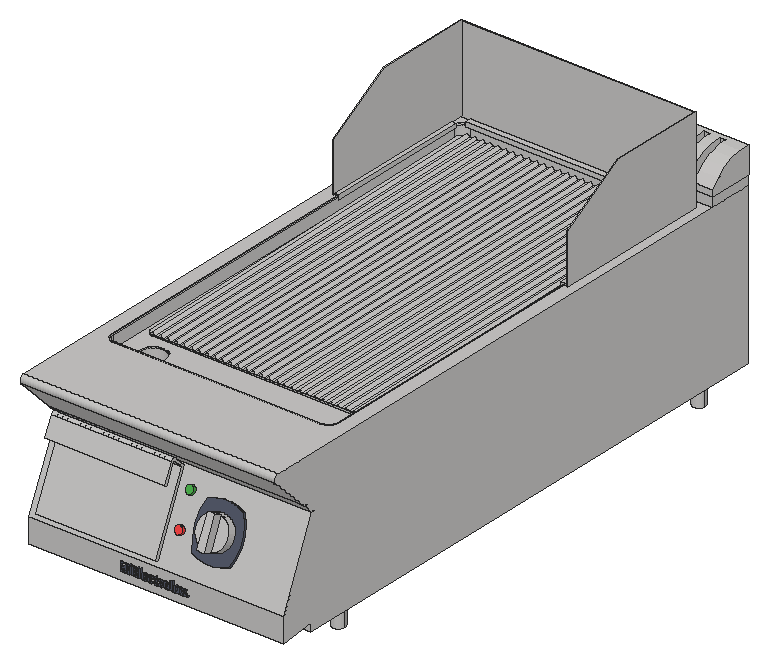
Revit family "QF_ELECTROLUXPROFESSIONAL_391356_E9IILDAOMCA", category Specialty Equipment, Revit 2018 (continued)
Automatic sketch dimensions
  Extrusion 22 sketch curve to Extrusion 22 sketch curve = 1.087 mm
  Extrusion 22 sketch curve to Extrusion 22 sketch curve = 2.23 mm
  Extrusion 22 sketch curve to Extrusion 22 sketch curve = 2.757 mm
  Extrusion 22 sketch curve to Extrusion 22 sketch curve = 0.987 mm
  Extrusion 22 sketch curve to Extrusion 22 sketch curve = 1.529 mm
  Extrusion 22 sketch curve to Extrusion 22 sketch curve = 1.796 mm
  Extrusion 22 sketch curve to Extrusion 22 sketch curve = 2.859 mm
  Extrusion 22 sketch curve to Extrusion 22 sketch curve = 0.853 mm
  Extrusion 22 sketch curve to Extrusion 22 sketch curve = 1.241 mm
  Extrusion 22 sketch curve to Extrusion 22 sketch curve = 2.046 mm  (x2)
  Extrusion 22 sketch curve to Extrusion 22 sketch curve = 2.422 mm
  Extrusion 22 sketch curve to Extrusion 22 sketch curve = 0.27 mm  (x2)
  Extrusion 22 sketch curve to Extrusion 22 sketch curve = 0.69 mm
  Extrusion 22 sketch curve to Extrusion 22 sketch curve = 0.781 mm  (x2)
  Extrusion 22 sketch curve to Extrusion 22 sketch curve = 3.136 mm
  Extrusion 22 sketch curve to Extrusion 22 sketch curve = 1.767 mm
  Extrusion 22 sketch curve to Extrusion 22 sketch curve = 0.138 mm
  Extrusion 22 sketch curve to Extrusion 22 sketch curve = 0.777 mm
  Extrusion 22 sketch curve to Extrusion 22 sketch curve = 1.19 mm
  Extrusion 22 sketch curve to Extrusion 22 sketch curve = 0.782 mm
  Extrusion 22 sketch curve to Extrusion 22 sketch curve = 1.268 mm
  Extrusion 22 sketch curve to Extrusion 22 sketch curve = 0.422 mm  (x2)
  Extrusion 22 sketch curve to Extrusion 22 sketch curve = 1.559 mm
  Extrusion 22 sketch curve to Extrusion 22 sketch curve = 3.927 mm
  Extrusion 22 sketch curve to Extrusion 22 sketch curve = 0.983 mm
  Extrusion 22 sketch curve to Extrusion 22 sketch curve = 1.134 mm
  plane 7 "Center Y" to Extrusion 22 sketch curve = 1.016 mm
  Extrusion 22 sketch curve to Extrusion 22 sketch curve = 1.501 mm
  Extrusion 22 sketch curve to Extrusion 22 sketch curve = 1.808 mm
  Extrusion 22 sketch curve to Extrusion 22 sketch curve = 0.643 mm
  Extrusion 22 sketch curve to Extrusion 22 sketch curve = 0.916 mm
  Extrusion 22 sketch curve to Extrusion 22 sketch curve = 0.352 mm
  Extrusion 22 sketch curve to Extrusion 22 sketch curve = 0.458 mm
  Extrusion 22 sketch curve to Extrusion 22 sketch curve = 1.282 mm
  Extrusion 22 sketch curve to Extrusion 22 sketch curve = 1.363 mm
  Extrusion 22 sketch curve to Extrusion 22 sketch curve = 0.685 mm
  Extrusion 22 sketch curve to Extrusion 22 sketch curve = 0.905 mm
  Extrusion 22 sketch curve to Extrusion 22 sketch curve = 2.865 mm
  Extrusion 22 sketch curve to Extrusion 22 sketch curve = 0.472 mm
  Extrusion 22 sketch curve to Extrusion 22 sketch curve = 0.101 mm
  Extrusion 22 sketch curve to Extrusion 22 sketch curve = 0.54 mm
  Extrusion 22 sketch curve to Extrusion 22 sketch curve = 0.02 mm
  Extrusion 22 sketch curve to Extrusion 22 sketch curve = 0.468 mm
  Extrusion 22 sketch curve to Extrusion 22 sketch curve = 0.829 mm
  Extrusion 22 sketch curve to Extrusion 22 sketch curve = 0.582 mm
  Extrusion 22 sketch curve to Extrusion 22 sketch curve = 0.166 mm
  Extrusion 22 sketch curve to Extrusion 22 sketch curve = 0.16 mm
  Extrusion 22 sketch curve to Extrusion 22 sketch curve = 2.781 mm
  Extrusion 22 sketch curve to Extrusion 22 sketch curve = 1.118 mm
  Extrusion 22 sketch curve to Extrusion 22 sketch curve = 0.613 mm
  Extrusion 22 sketch curve to Extrusion 22 sketch curve = 0.361 mm
  Extrusion 22 sketch curve to Extrusion 22 sketch curve = 0.897 mm
  Extrusion 22 sketch curve to Extrusion 22 sketch curve = 0.167 mm
  Extrusion 22 sketch curve to Extrusion 22 sketch curve = 0.292 mm
  Extrusion 22 sketch curve to Extrusion 22 sketch curve = 0.305 mm
  Extrusion 22 sketch curve to Extrusion 22 sketch curve = 1.557 mm
  Extrusion 22 sketch curve to Extrusion 22 sketch curve = 2.499 mm
  Extrusion 22 sketch curve to Extrusion 22 sketch curve = 3.062 mm
  Extrusion 22 sketch curve to Extrusion 22 sketch curve = 2.968 mm
  Extrusion 22 sketch curve to Extrusion 22 sketch curve = 5.044 mm
  Extrusion 22 sketch curve to Extrusion 22 sketch curve = 0.629 mm  (x2)
  Extrusion 22 sketch curve to Extrusion 22 sketch curve = 1.131 mm
  Extrusion 22 sketch curve to Extrusion 22 sketch curve = 0.137 mm
  Extrusion 22 sketch curve to Extrusion 22 sketch curve = 0.027 mm
  Extrusion 22 sketch curve to Extrusion 22 sketch curve = 2.235 mm
  plane 7 "Center Y" to Extrusion 23 sketch curve = 20.046 mm
  plane 7 "Center Y" to Extrusion 24 sketch curve = 20.046 mm
  Sweep 25 sketch curve to profile plane = 0 mm  (x27)
  profile plane to Sweep 25 sketch curve = 3.736 mm  (x27)
  profile plane to Sweep 25 sketch curve = 435.969 mm
  Sweep 25 sketch curve to Sweep 25 sketch curve = 3.877 mm  (x54)
  Sweep 25 sketch curve to Sweep 25 sketch curve = 4.381 mm  (x26)
  Sweep 25 sketch curve to plane 15 = 0.05 mm
  Sweep 25 sketch curve to plane 6 "TOP" = 9.783 mm
  Sweep 25 sketch curve to plane 6 "TOP" = 18 mm
  plane 1 "BACK" to Sweep 25 sketch curve = 105.406 mm
  Extrusion 26 sketch curve to plane 15 = 0 mm
  Extrusion 26 sketch curve to plane 6 "TOP" = 20 mm
  plane 1 "BACK" to Extrusion 26 sketch curve = 105.406 mm
  Extrusion 26 sketch curve to Extrusion 26 sketch curve = 1.999 mm
  Extrusion 26 sketch curve to plane 6 "TOP" = 9.783 mm
  plane 15 to Extrusion 27 sketch curve = 0 mm  (x4)
  Extrusion 27 sketch curve to plane 15 = 10 mm  (x2)
  plane 13 to Extrusion 27 sketch curve = 21.03 mm  (x2)
  Extrusion 27 sketch curve to Extrusion 27 sketch curve = 0 mm  (x12)
  Extrusion 27 sketch curve to Extrusion 27 sketch curve = 10 mm  (x4)
  plane 14 to Extrusion 27 sketch curve = 31.03 mm  (x2)
  plane 1 "BACK" to Extrusion 27 sketch curve = 115.406 mm  (x2)
  Extrusion 5 sketch curve to Extrusion 1 = 0 mm  (x3)
  Extrusion 1 to Extrusion 5 sketch curve = 69.85 mm
  Extrusion 1 to Extrusion 6 sketch curve = 17.03 mm  (x2)
  Extrusion 1 to Extrusion 6 sketch curve = 83.39 mm
  Extrusion 6 sketch curve to Extrusion 6 sketch curve = 1.588 mm
  Extrusion 1 to Extrusion 7 sketch curve = 37.03 mm
  Extrusion 1 to Extrusion 7 sketch curve = 92.539 mm
  Extrusion 7 sketch curve to Extrusion 7 sketch curve = 15 mm  (x3)
  Extrusion 1 to Extrusion 7 sketch curve = 145.147 mm  (x2)
  Extrusion 1 to Extrusion 7 sketch curve = 22.03 mm
  Extrusion 11 sketch curve to Extrusion 1 = 274.774 mm
  plane 5 "FRONT" to Extrusion 12 sketch curve = 0 mm  (x2)
  Extrusion 12 sketch curve to plane 3 "LEFT" = 0 mm
  Extrusion 12 sketch curve to plane 4 "RIGHT" = 0 mm
  plane 1 "BACK" to Extrusion 12 sketch curve = 0 mm
  Extrusion 12 sketch curve to plane 3 "LEFT" = 100 mm
  Extrusion 12 sketch curve to plane 4 "RIGHT" = 100 mm
  Extrusion 12 sketch curve to plane 1 "BACK" = 100 mm
  curve 124 to plane 3 "LEFT" = 0 mm
  curve 4 to plane 9 = 0 mm
  curve 4 to plane 13 = 0 mm
  plane 15 to curve 19 = 0 mm
  plane 15 to curve 97 = 0 mm
  curve 110 to plane 7 "Center Y" = 0 mm
  curve 5 to plane 7 "Center Y" = 0 mm
  plane 15 to curve 123 = 0 mm
  curve 124 to plane 4 "RIGHT" = 0 mm
  plane 5 "FRONT" to curve 7 = 0 mm
  plane 5 "FRONT" to curve 3 = 0 mm
  plane 5 "FRONT" to curve 1 = 0 mm
  plane 1 "BACK" to curve 9 = 0 mm
  plane 13 to curve 26 = 4.442 mm
  curve 26 to curve 13 = 6.587 mm
  curve 37 to curve 14 = 6.721 mm
  curve 13 to curve 33 = 3.484 mm
  plane 1 "BACK" to curve 40 = 6.761 mm
  plane 13 to curve 40 = 18.703 mm
  curve 26 to curve 31 = 16.587 mm
  plane 13 to curve 19 = 21.03 mm
  curve 12 to curve 12 = 15 mm
  curve 21 to curve 14 = 5 mm
  curve 39 to curve 38 = 9.296 mm
  curve 19 to curve 19 = 10 mm
  curve 14 to curve 21 = 5 mm
  curve 19 to curve 97 = 0.222 mm
  curve 12 to curve 96 = 14.849 mm
  curve 97 to curve 98 = 12.135 mm
  curve 38 to curve 42 = 16.193 mm
  curve 42 to curve 44 = 9.296 mm
  curve 98 to curve 99 = 12.135 mm
  curve 95 to curve 96 = 20 mm
  curve 99 to curve 100 = 12.135 mm
  curve 44 to curve 47 = 16.193 mm
  curve 48 to curve 49 = 9.296 mm
  curve 100 to curve 101 = 12.135 mm
  curve 101 to curve 102 = 12.135 mm
  curve 46 to curve 51 = 16.193 mm
  curve 102 to curve 103 = 12.135 mm
  curve 52 to curve 53 = 9.296 mm
  curve 103 to curve 104 = 12.135 mm
  curve 50 to curve 56 = 16.193 mm
  curve 104 to curve 105 = 12.135 mm
  curve 56 to curve 54 = 9.296 mm
  curve 105 to curve 106 = 12.135 mm
  curve 54 to curve 59 = 16.193 mm
  curve 106 to curve 107 = 12.135 mm
  curve 59 to curve 58 = 9.296 mm
  curve 107 to curve 108 = 12.135 mm
  plane 1 "BACK" to curve 65 = 6.761 mm
  curve 58 to curve 65 = 16.193 mm
  curve 108 to curve 109 = 12.135 mm
  curve 63 to plane 7 "Center Y" = 8.071 mm
  plane 7 "Center Y" to curve 66 = 8.121 mm
  plane 7 "Center Y" to curve 111 = 12.135 mm
  curve 66 to curve 67 = 9.296 mm
  curve 111 to curve 112 = 12.135 mm
  curve 68 to curve 92 = 16.143 mm
  curve 112 to curve 113 = 12.135 mm
  curve 91 to curve 92 = 9.296 mm
  curve 113 to curve 114 = 12.135 mm
  curve 92 to curve 87 = 16.193 mm
  curve 114 to curve 115 = 12.135 mm
  curve 87 to curve 88 = 9.296 mm
  curve 115 to curve 116 = 12.135 mm
  plane 1 "BACK" to curve 83 = 6.761 mm
  curve 89 to curve 83 = 16.193 mm
  curve 116 to curve 117 = 12.135 mm
  curve 83 to curve 86 = 9.296 mm
  curve 117 to curve 118 = 12.135 mm
  curve 118 to curve 119 = 12.135 mm
  plane 1 "BACK" to curve 79 = 6.761 mm
  curve 85 to curve 79 = 16.193 mm
  curve 79 to curve 81 = 9.296 mm
  curve 119 to curve 120 = 12.135 mm
  curve 120 to curve 121 = 12.135 mm
  curve 80 to curve 77 = 16.193 mm
  curve 76 to curve 75 = 9.296 mm
  curve 121 to curve 122 = 12.135 mm
  curve 122 to curve 123 = 12.135 mm
  curve 123 to curve 25 = 0.222 mm
  curve 123 to curve 22 = 0.222 mm
  plane 1 "BACK" to curve 71 = 6.761 mm
  curve 75 to curve 71 = 16.193 mm
  plane 14 to curve 11 = 26.03 mm
  curve 23 to curve 15 = 5 mm
  curve 15 to curve 30 = 5 mm
  curve 15 to curve 23 = 5 mm
  curve 71 to curve 72 = 9.296 mm
  plane 14 to curve 35 = 14.514 mm
  curve 32 to curve 15 = 3.351 mm
  plane 14 to curve 17 = 11.03 mm
  plane 14 to curve 28 = 4.442 mm
  plane 15 to curve 12 = 70 mm
  plane 15 to curve 96 = 36.197 mm
  plane 8 "Center X" to curve 26 = 129.61 mm
  plane 8 "Center X" to curve 16 = 129.61 mm
  curve 20 to curve 40 = 108.645 mm
  curve 15 to curve 23 = 2.133 mm
  curve 14 to curve 22 = 2.133 mm
  curve 20 to curve 14 = 9.865 mm
  curve 15 to curve 35 = 1.998 mm
  curve 97 to curve 22 = 0.05 mm
  curve 123 to curve 22 = 0 mm
  curve 30 to curve 14 = 2.318 mm
  curve 15 to curve 28 = 10.007 mm
  curve 26 to curve 124 = 13.54 mm
  curve 111 to curve 66 = 41.495 mm
  curve 31 to curve 38 = 19.479 mm
  curve 38 to curve 42 = 0 mm
  curve 29 to curve 71 = 19.479 mm
  curve 44 to curve 46 = 0 mm
  curve 75 to curve 71 = 0 mm
  curve 46 to curve 50 = 0 mm
  curve 79 to curve 77 = 0 mm
  curve 50 to curve 54 = 0 mm
  curve 83 to curve 79 = 0 mm
  curve 54 to curve 58 = 0 mm
  curve 87 to curve 83 = 0 mm
  curve 62 to curve 66 = 0 mm
  curve 68 to curve 91 = 0 mm
  plane 1 "BACK" to curve 94 = 6.761 mm
  plane 1 "BACK" to curve 90 = 6.761 mm
  plane 1 "BACK" to curve 61 = 6.761 mm
  plane 1 "BACK" to curve 57 = 6.761 mm
  plane 1 "BACK" to curve 53 = 6.761 mm
  plane 1 "BACK" to curve 77 = 6.761 mm
  plane 1 "BACK" to curve 49 = 6.761 mm
  plane 1 "BACK" to curve 44 = 6.761 mm
  plane 1 "BACK" to curve 68 = 6.761 mm
  radius of Extrusion 2 sketch curve = 9.525 mm  (x4)
  radius of Extrusion 16 sketch curve = 20 mm
  radius of Extrusion 20 sketch curve = 25.4 mm
  radius of Extrusion 21 sketch curve to Extrusion 20 = 0 mm  (x2)
  radius of Extrusion 23 sketch curve = 6.35 mm
  radius of Extrusion 24 sketch curve = 6.35 mm
  radius of Extrusion 11 sketch curve = 6.35 mm
Connectors
  electrical at (340, -585, 19), driven by "Volts", driven by "Watts"
    settings: on Extrusion 11, index 1, voltage 400 V, apparent load 0 VA, apparent load phase1 0 VA, apparent load phase2 0 VA, apparent load phase3 0 VA, power factor 1, load classification "Other", number of poles 1, system type 30, power factor state 1, is connector primary yes, connector utility no, sub classification motor no, connector description "ELECTRICAL CONNECTION"
